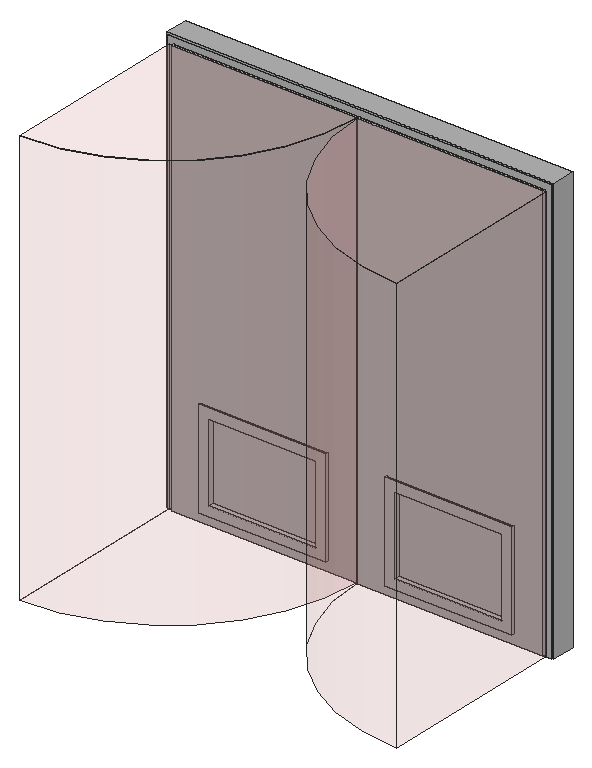
Revit family "ASSA ABLOY - ALPE Ss 120-2, double-leaf, louver, block frame", category Doors, host Wall, Revit 2021
Family settings
  Host = Wall
  OmniClass Number = 23.30.10.00
  OmniClass Title = Doors
  Always vertical = Yes
  Cut with Voids When Loaded = No
  Shared = No
  Room Calculation Point = No
Parameters (values of type "1800 x 2100 (1805 x 2101)")
  URL = "https://www.assaabloy.com/pl/pl"
  Type Comments = "Door leaf made of two pressed galvanised steel sheets 1,25mm thick. Filled with mineral wool glued to the sheets with polyurethane adhesive. Door with 3-sided thick rebate. "
  Rough Width Real = Width Round + Rough Width Conversion + Rough Width Adjustment  # 1998.000 mm
  Rough Height Real = Height Round + Rough Height Conversion + Rough Height Adjustment  # 2199.000 mm
  Rough Width Conversion = 198.000 mm  # constant formula
  Rough Width Adjustment = 0.000 mm  # constant formula
  Rough Height Conversion = 99.000 mm  # constant formula
  Rough Height Adjustment = 0.000 mm  # constant formula
  Recess Value [instance] = 2.000 mm
  Passive Symbol Radius [instance] = Passive Leaf Width + 13.500 mm  # 968.500 mm
  Passive Leaf Width [instance] = Rough Width Real - Middle Post - 44.000 mm  # 955.000 mm
  Passive Leaf Middle [instance] = Rough Width - Active Leaf Width - Passive Leaf Width / 2 - 49.000 mm  # 518.500 mm
  Passive Leaf Louver Width [instance] = if(Passive Leaf Width < 700.000 mm, 300.000 mm, if(Passive Leaf Width - 400.000 mm > 800.000 mm, 800.000 mm, Passive Leaf Width - 400.000 mm))  # 555.000 mm
  Passive Leaf Louver Visibility [instance] = Passive Leaf Width > 699.000 mm  # yes
  Passive Leaf Louver Cut [instance] = if(Passive Leaf Width < 500.000 mm, 5.000 mm, 81.000 mm)  # 81.000 mm
  Opening Zone [instance] = yes
  Model = "Doorset_Steel fireproof door EI120 with louvers/ Access control_ASSA ABLOY Opening Solutions_Hardware 3D"
  Middle Post [instance] = Active Leaf Clear Passage Width + 120.000 mm  # 999.000 mm
  Louver Material = Louver
  Louver Height Range = if(Louver Height < 160.000 mm, 160.000 mm, if(Louver Height > 800.000 mm, 800.000 mm, Louver Height))  # 400.000 mm
  Louver Height = 400.000 mm  # constant formula
  Hinges Material = Default steel
  HW Item 9 = "1x Handle set_Standard ASSA ABLOY"
  HW Item 8 = "1x Euro profile cylinder_Standard ASSA ABLOY"
  HW Item 14 = "1x Planet FT: drop-down seal_Planet (option)"
  HW Item 13 = "1x Incedo: Access Control Set_ASSA ABLOY (option)"
  HW Item 12 = "1x HID SIGNO 20: card reader_HID"
  HW Item 11 = "1x 206253: Vercy door stopper, max 120 kg_ASSA ABLOY (option) "
  HW Item 10 = "1x Rosette set PZPZ_Standard ASSA ABLOY"
  Frame Finish [instance] = ""
  Door Finish Push Side [instance] = ""
  Door Finish Pull Side [instance] = ""
  Description = "ALPE Ss 120-2, door leaf made of two pressed galvanised steel sheets 1,25mm thick. Filled with mineral wool glued to the sheets with polyurethane adhesive. Door with 3-sided thick rebate. Stainless steel hinges with 3D regulation. Mechanical durability – class C5 according to PN-EN 16034:2014. Mechanical strength – class 4 according to PN-EN 1192:2001. Welded steel corner frame, made of galvanised sheet 1,8mm thick. Door equipped with bottom louvers."
  Active Leaf Louver Width [instance] = if(Active Leaf Width < 700.000 mm, 300.000 mm, if(Active Leaf Width - 400.000 mm > 800.000 mm, 800.000 mm, Active Leaf Width - 400.000 mm))  # 555.000 mm
  Fire Rating = "EI120"  # constant formula
  Width Round = roundup((Width / 5.000 mm)) * 5.000 mm  # 1800.000 mm
  Thickness = 76.000 mm  # constant formula
  Smoke Rating = "n/a"
  Rough Width = Width Round + 2.000 mm + Rough Width Conversion + Rough Width Adjustment  # 2000.000 mm
  Rough Height = Height Round + 1.000 mm + Rough Height Conversion + Rough Height Adjustment  # 2200.000 mm
  Readme = "The actual lintel height is consistent with the Rough Height parameter.\nThe final HW Set should be consistent with the function of the door and its  parameters.\nHardware mounted on door surface may affect the clear passage opening. For verification, please contact the specification department."
  Provider = "ASSA ABLOY Opening Solutions"
  Product Group = "Double-Steel-Access Control"
  Name = "Steel fireproof door EI120 with louvers/ Access control"
  Min Door Width = 1170.000 mm
  Min Door Height = 600.000 mm
  Mechanical Strength = 4
  Max Door Width = 2370.000 mm
  Max Door Height = 2500.000 mm
  Manufacturer = "ASSA ABLOY"  # constant formula
  IfcExportType = "USERDEFINED"
  IfcExportAs = "IfcDoorType"
  Height Round = roundup((Height / 5.000 mm)) * 5.000 mm  # 2100.000 mm
  Hardware Set = "1.14PL"
  HW Item 7 = "1x N4572: central semi-automatic flush bolt _Corni (passive leaf)"
  HW Item 6 = "1x EA219: cable 10m"
  HW Item 5 = "1x EA280/ EA281: lead cover"
  HW Item 4 = "1x EL560: handle controlled, electromechanical mortice lockcase with automatic dead locking system_ABLOY"
  HW Item 3 = "2x A153: mechanical opening damper_ASSA ABLOY (option)"
  HW Item 2 = "1x G461: guide rail with integrated coordinator_ASSA ABLOY"
  HW Item 1 = "2x DC700/ DC500: door closer, Cam-Motion®_ASSA ABLOY"
  Function = Interior
  Height = 2100.000 mm
  Wall Closure = By host
  Width = 1800.000 mm
  Frame Type = "Welded steel block frame, made of galvanised sheet 1,8mm thick."
  Frame Material = Default steel
  Family name = "1.14_DOORSET_ALPE Ss 120-2_DOUBLE-LEAF_BLOCK FRAME_ASSA ABLOY PL"
  Environmental Product Declaration (EPD) = "To be confirmed with Provider"  # constant formula
  Environmental Management System = "To be confirmed with Provider"  # constant formula
  Edition number = "1"
  Door Type = "ALPE Ss 120-2"
  Door Material = Default steel
  Date of publishing = ""
  Contact Provider = "https://www.assaabloy.com/pl/pl/solutions/topics/bim-specification/contact"
  Brand = "ASSA ABLOY Mercor Doors Sp. z o. o."  # constant formula
  Author = "www.archispace.pl"
  Active Symbol Radius [instance] = Active Leaf Width + 13.500 mm  # 968.500 mm
  Active Leaf Width [instance] = Middle Post - 44.000 mm  # 955.000 mm
  Active Leaf Middle [instance] = Active Leaf Width / 2 + 41.000 mm  # 518.500 mm
  Active Leaf Louver Visibility [instance] = Active Leaf Width > 699.000 mm  # yes
  Active Leaf Clear Passage Width = 879.000 mm
Types (7, lengths in mm): name | Rough Width Real | Rough Height Real | Passive Symbol Radius | Passive Leaf Width | Passive Leaf Middle | Passive Leaf Louver Width | Passive Leaf Louver Visibility | Middle Post | Active Leaf Louver Width | Width Round | Rough Width | Rough Height | Height Round | Height | Width | Active Symbol Radius | Active Leaf Width | Active Leaf Middle | Active Leaf Louver Visibility | Active Leaf Clear Passage Width
  1170 x 600 (1175 x 601) | 1368.000 | 699.000 | 653.500 | 640.000 | 361.000 | 300.000 | no | 684.000 | 300.000 | 1170.000 | 1370.000 | 700.000 | 600.000 | 600.000 | 1170.000 | 653.500 | 640.000 | 361.000 | no | 564.000
  1250 x 2100 (1255 x 2101) | 1448.000 | 2199.000 | 693.500 | 680.000 | 381.000 | 300.000 | no | 724.000 | 300.000 | 1250.000 | 1450.000 | 2200.000 | 2100.000 | 2100.000 | 1250.000 | 693.500 | 680.000 | 381.000 | no | 604.000
  1400 x 2100 (1405 x 2101) | 1598.000 | 2199.000 | 768.500 | 755.000 | 418.500 | 355.000 | yes | 799.000 | 355.000 | 1400.000 | 1600.000 | 2200.000 | 2100.000 | 2100.000 | 1400.000 | 768.500 | 755.000 | 418.500 | yes | 679.000
  1600 x 2100 (1605 x 2101) | 1798.000 | 2199.000 | 868.500 | 855.000 | 468.500 | 455.000 | yes | 899.000 | 455.000 | 1600.000 | 1800.000 | 2200.000 | 2100.000 | 2100.000 | 1600.000 | 868.500 | 855.000 | 468.500 | yes | 779.000
  1800 x 2100 (1805 x 2101) | 1998.000 | 2199.000 | 968.500 | 955.000 | 518.500 | 555.000 | yes | 999.000 | 555.000 | 1800.000 | 2000.000 | 2200.000 | 2100.000 | 2100.000 | 1800.000 | 968.500 | 955.000 | 518.500 | yes | 879.000
  2000 x 2100 (2005 x 2101) | 2198.000 | 2199.000 | 1068.500 | 1055.000 | 568.500 | 655.000 | yes | 1099.000 | 655.000 | 2000.000 | 2200.000 | 2200.000 | 2100.000 | 2100.000 | 2000.000 | 1068.500 | 1055.000 | 568.500 | yes | 979.000
  2370 x 2500 (2375 x 2501) | 2568.000 | 2599.000 | 1253.500 | 1240.000 | 661.000 | 800.000 | yes | 1284.000 | 800.000 | 2370.000 | 2570.000 | 2600.000 | 2500.000 | 2500.000 | 2370.000 | 1253.500 | 1240.000 | 661.000 | yes | 1164.000
Reference planes
  plane 1: y = 0
  plane 2 "Center (Left/Right)": x = 0
  plane 3: z = 2199
  plane 4 "Exterior": y = 120
  plane 5 "Interior": y = -120
  plane 6: x = -999
  plane 7: x = 999
  plane 8: z = 2100
  plane 9: x = 0
  plane 10: z = 2142
  plane 11: x = 942
  plane 12: x = -942
  plane 13: x = 900
  plane 14: x = -900
  plane 15: x = -19
  plane 16: x = 19
  plane 17: x = -1011.5
  plane 18: x = 1011.5
  plane 19: z = 8
  plane 20: x = -1000
  plane 21: x = 1000
  plane 22: z = 2200
  plane 23: y = -130.5
  plane 24: y = -121
  plane 25: y = -118
  plane 26: y = -60
  plane 27: y = -49
  plane 28: y = 6
  plane 29: y = 2.5
  plane 30: x = 971.5
  plane 31: x = -971.5
  plane 32: z = 108
  plane 33: z = 508
  plane 34: z = 516.75
  plane 35: z = 99.25
  plane 36: x = -766.75
  plane 37: x = -203
  plane 38: x = 194.25
  plane 39: x = 766.75
  plane 40: x = 203
  plane 41: x = 758
  plane 42: x = -758
  plane 43: x = -194.25
  plane 44: x = -480.5
  plane 45: x = 480.5
  plane 46: z = 2158
  plane 47: y = -143
  plane 48: y = -62
Forms (mm)
  Sweep 1, solid, material "Default steel" <- "Frame Material"
    path origin (-489, -118, 1200) x (1, 0, 0) y (0, 0, 1)
      loop
        line (-510, -1200) -> (-510, 999) -> (1488, 999) -> (1488, -1200)
    profile origin (-999, -118, 1099.5) x (-1, 0, 0) y (0, -1, 0)
      loop
        line (-99, -58) -> (-99, -124) -> (-10, -124) -> (-10, -120.5) -> (0, -120.5) -> (0, 0) -> (-10, 0) -> (-10, 3) -> (-52, 3) -> (-52, -69) -> (-67, -69) -> (-67, -58) -> (-99, -58)
  Sweep 2, solid, material "Default steel" <- "Door Material"
    path origin (-489, -118, 1200) x (1, 0, 0) y (0, 0, 1)
      loop
        line (-453, -1192) -> (-453, 942) -> (470, 942) -> (470, -1192)
    profile origin (-480.5, -118, 2142) x (0, 0, 1) y (0, -1, 0)
      loop
        line (0, 20) -> (0, 5) -> (16, 5) -> (16, 20) -> (0, 20)
  Sweep 3, solid, material "Default steel" <- "Door Material"
    path origin (-489, -118, 1200) x (1, 0, 0) y (0, 0, 1)
      loop
        line (489, -1192) -> (489, 942)
    profile origin (0, -118, 1075) x (-1, 0, 0) y (0, -1, 0)
      loop
        line (942, -56) -> (942, 20) -> (19, 20) -> (19, -56) -> (942, -56)
  Sweep 4, solid, material "Opening zone", visible <- "Opening Zone"
    path origin (-5600, 0, 0) x (-1, 0, 0) y (0, 0, 1)
      loop
        line (-5600, 8) -> (-5600, 2158)
    profile origin (0, 0, 1083) x (1, 0, 0) y (0, 1, 0)
      loop
        line (-971.5, -130.5) -> (-971.5, -1099)
        arc (-971.5, -1099) -> (-286.667, -815.333) -> (-3, -130.5) r 968.5
        line (-3, -130.5) -> (-971.5, -130.5)
  Sweep 5, solid, material "Default steel" <- "Frame Material"
    path origin (-489, -118, 1200) x (1, 0, 0) y (0, 0, 1)
      loop
        line (489, -1192) -> (489, 900)
    profile origin (0, -118, 1054) x (-1, 0, 0) y (0, -1, 0)
      loop
        line (19, 4) -> (6, 4) -> (-2, 1) -> (-12, 1) -> (-12, -59.75) -> (-23, -59.75) -> (-38.5, -57.5) -> (-41.5, -57.5) -> (-41.5, -69) -> (-56.5, -69) -> (-56.5, -58.5) -> (-61, -58.5) -> (-61, -88.5) -> (87, -88.5) -> (87, -56) -> (19, -56) -> (19, 4)
  Sweep 6, solid, material "Default steel" <- "Door Material"
    path origin (-489, -118, 1200) x (1, 0, 0) y (0, 0, 1)
      loop
        line (508, -1192) -> (508, 942) -> (1431, 942) -> (1431, -1192)
    profile origin (480.5, -118, 2142) x (0, 0, 1) y (0, -1, 0)
      loop
        line (0, 20) -> (0, 5) -> (16, 5) -> (16, 20) -> (0, 20)
  Sweep 7, solid, material "Default steel" <- "Door Material"
    path origin (-489, -118, 1200) x (1, 0, 0) y (0, 0, 1)
      loop
        line (489, -1192) -> (489, 942)
    profile origin (0, -118, 1075) x (-1, 0, 0) y (0, -1, 0)
      loop
        line (-942, -56) -> (-19, -56) -> (-19, 20) -> (-942, 20) -> (-942, -56)
  Sweep 8, solid, material "Opening zone", visible <- "Opening Zone"
    path origin (5600, 0, 0) x (1, 0, 0) y (0, 0, -1)
      loop
        line (-5600, -8) -> (-5600, -2158)
    profile origin (0, 0, 1083) x (1, 0, 0) y (0, 1, 0)
      loop
        line (971.5, -130.5) -> (3, -130.5)
        arc (3, -130.5) -> (286.667, -815.333) -> (971.5, -1099) r 968.5
        line (971.5, -1099) -> (971.5, -130.5)
  Sweep 9, solid, material "Default steel" <- "Door Material", visible <- "Passive Leaf Louver Visibility"
    path origin (-489, -118, 1200) x (1, 0, 0) y (0, 0, 1)
      loop
        line (-277.75, -683.25) -> (-277.75, -1100.75) -> (294.75, -1100.75) -> (294.75, -683.25) -> (-277.75, -683.25)
    profile origin (-480.5, -118, 516.75) x (0, 0, 1) y (0, -1, 0)
      loop
        line (-8.75, 33) -> (-8.75, -69) -> (41.25, -69) -> (41.25, -56) -> (0, -56) -> (0, 20) -> (41.25, 20) -> (41.25, 33) -> (-8.75, 33)
  Sweep 10, solid, material "Louver" <- "Louver Material", visible <- "Passive Leaf Louver Visibility"
    path origin (-489, -118, 1200) x (1, 0, 0) y (0, 0, 1)
      loop
        line (8.5, -1092) -> (8.5, -692)
    profile origin (-480.5, -118, 308) x (-1, 0, 0) y (0, -1, 0)
      loop
        line (-277.5, -42) -> (277.5, -42) -> (277.5, 6) -> (-277.5, 6) -> (-277.5, -42)
  Sweep 11, void
    path origin (-489, -118, 1200) x (1, 0, 0) y (0, 0, 1)
      loop
        line (8.5, -1100.75) -> (8.5, -683.25)
    profile origin (-480.5, -118, 308) x (-1, 0, 0) y (0, -1, 0)
      loop
        line (286.25, -56) -> (286.25, 25) -> (-286.25, 25) -> (-286.25, -56) -> (286.25, -56)
  Sweep 12, solid, material "Default steel" <- "Door Material", visible <- "Active Leaf Louver Visibility"
    path origin (-489, -118, 1200) x (1, 0, 0) y (0, 0, 1)
      loop
        line (1255.75, -683.25) -> (683.25, -683.25) -> (683.25, -1100.75) -> (1255.75, -1100.75) -> (1255.75, -683.25)
    profile origin (480.5, -118, 516.75) x (0, 0, -1) y (0, -1, 0)
      loop
        line (8.75, 33) -> (-41.25, 33) -> (-41.25, 20) -> (0, 20) -> (0, -56) -> (-41.25, -56) -> (-41.25, -69) -> (8.75, -69) -> (8.75, 33)
  Sweep 13, void
    path origin (-489, -118, 1200) x (1, 0, 0) y (0, 0, 1)
      loop
        line (969.5, -1100.75) -> (969.5, -683.25)
    profile origin (480.5, -118, 308) x (-1, 0, 0) y (0, -1, 0)
      loop
        line (-286.25, -56) -> (286.25, -56) -> (286.25, 20) -> (-286.25, 20) -> (-286.25, -56)
  Sweep 14, solid, material "Louver" <- "Louver Material", visible <- "Active Leaf Louver Visibility"
    path origin (-489, -118, 1200) x (1, 0, 0) y (0, 0, 1)
      loop
        line (969.5, -1092) -> (969.5, -692)
    profile origin (480.5, -118, 308) x (-1, 0, 0) y (0, -1, 0)
      loop
        line (-277.5, -42) -> (277.5, -42) -> (277.5, 6) -> (-277.5, 6) -> (-277.5, -42)
Cuts and joins
  Sweep 11 cuts Sweep 3
  joined: Sweep 2, Sweep 3
  Sweep 13 cuts Sweep 7
  joined: Sweep 6, Sweep 7
Lines and regions (mm)
  Masking region 1, detail levels fine
    outline origin (-1132.682, -300, 2037) x (-1, 0, 0) y (0, -1, 0)
      loop
        circle (-161.182, -169.5) r 11
      loop
        circle (-2104.182, -169.5) r 11
  Opening 1
    outline origin (-5000, -120, 0) x (1, 0, 0) y (0, 0, 1)
      loop
        line (4000, 2200) -> (4000, 0) -> (6000, 0) -> (6000, 2200) -> (4000, 2200)
  Masking region 2, detail levels medium
    outline origin (-1132.682, -300, 2052) x (-1, 0, 0) y (0, -1, 0)
      loop
        line (-133.682, -306) -> (-133.682, -179) -> (-232.682, -179) -> (-232.682, -306) -> (-133.682, -306)
      loop
        line (-2131.682, -306) -> (-2032.682, -306) -> (-2032.682, -179) -> (-2131.682, -179) -> (-2131.682, -306)
  Masking region 3, detail levels fine
    outline origin (-1177.682, -289.4, 2052) x (-1, 0, 0) y (0, -1, 0)
      loop
        line (-277.682, -229.4) -> (-277.682, -295.4) -> (-188.682, -295.4) -> (-188.682, -291.9) -> (-178.682, -291.9) -> (-178.682, -171.4) -> (-188.682, -171.4) -> (-188.682, -168.4) -> (-230.682, -168.4) -> (-230.682, -240.4) -> (-245.682, -240.4) -> (-245.682, -229.4) -> (-277.682, -229.4)
      loop
        line (-2077.682, -229.4) -> (-2109.682, -229.4) -> (-2109.682, -240.4) -> (-2124.682, -240.4) -> (-2124.682, -168.4) -> (-2166.682, -168.4) -> (-2166.682, -171.4) -> (-2176.682, -171.4) -> (-2176.682, -291.9) -> (-2166.682, -291.9) -> (-2166.682, -295.4) -> (-2077.682, -295.4) -> (-2077.682, -229.4)
  symbolic lines, style "Elevation Swing"
    curve 1: line (-3, -120, 1099.5) -> (-900, -120, 2100)
    curve 2: line (-3, -120, 1099.5) -> (-900, -120, 8)
    curve 3: line (3, -120, 1099.5) -> (900, -120, 2100)
    curve 4: line (3, -120, 1099.5) -> (900, -120, 8)
Text (mm)
  text "Exterior" at (-1376.75, 1099.543, 0), in view "Ref. Level"
  text "Exterior" at (0, 1615.38, 3698.081), in view "Left"
  text "Exterior" at (0, 1036.032, 3874.932), in view "Right"
Dimensions and locks
  "Rough Height Real": plane 3 to host wall
  equal spacing: host wall, curve 2, plane 3
  host wall to plane 3 = 2199.000 mm
  locked: plane 4 "Exterior" to host wall
  locked: plane 5 "Interior" to host wall
  equal spacing: plane 6, plane 2 "Center (Left/Right)", plane 7
  "Rough Width Real": plane 6 to plane 7
  "Height": plane 8 to level
  locked: plane 6 to plane 12 at 57
  locked: plane 11 to plane 7 at 57
  locked: plane 3 to plane 10 at 57
  locked: plane 13 to plane 7 at 99
  locked: plane 6 to plane 14 at 99
  locked: plane 15 to plane 9 at 19
  locked: plane 9 to plane 16 at 19
  "Middle Post": plane 9 to plane 7
  Masking region 1 sketch curve to plane 7 = 27.500 mm
  locked: plane 7 to plane 18 at 12.5
  locked: plane 17 to plane 6 at 12.5
  equal spacing: plane 3, curve 4, level
  locked: plane 19 to level at 8
  equal spacing: plane 20, plane 2 "Center (Left/Right)", plane 21
  "Rough Width": plane 20 to plane 21
  "Rough Height": plane 22 to level
  locked: plane 27 to plane 26 at 11
  locked: plane 27 to plane 29 at 51.5
  locked: plane 29 to plane 28 at 3.5
  locked: plane 25 to plane 26 at 58
  locked: plane 6 to Masking region 3 sketch curve at 10  (x2)
  locked: plane 6 to Masking region 3 sketch curve at 99
  locked: plane 6 to Masking region 3 sketch curve at 52
  locked: plane 6 to Masking region 3 sketch curve at 67
  locked: Masking region 3 sketch curve to plane 7 at 10  (x2)
  locked: Masking region 3 sketch curve to plane 7 at 52
  locked: Masking region 3 sketch curve to plane 7 at 67
  locked: Masking region 3 sketch curve to plane 7 at 99
  locked: plane 6 to Masking region 2 sketch curve at 99
  locked: Masking region 2 sketch curve to plane 7 at 99
  locked: plane 6 to Sweep 1 sketch curve at 10  (x2)
  locked: plane 6 to Sweep 1 sketch curve at 99
  locked: plane 6 to Sweep 1 sketch curve at 52
  locked: plane 6 to Sweep 1 sketch curve at 67
  locked: plane 30 to plane 7 at 27.5
  locked: plane 6 to plane 31 at 27.5
  "Passive Leaf Middle": plane 6 to plane 44
  "Active Leaf Middle": plane 45 to plane 7
  locked: plane 34 to plane 33 at 8.75
  locked: plane 32 to plane 35 at 8.75
  locked: plane 39 to plane 41 at 8.75
  locked: plane 38 to plane 40 at 8.75
  locked: plane 43 to plane 37 at 8.75
  locked: plane 36 to plane 42 at 8.75
  equal spacing: plane 42, plane 44, plane 37
  "Passive Leaf Louver Width": plane 42 to plane 37
  equal spacing: plane 40, plane 45, plane 41
  "Active Leaf Louver Width": plane 40 to plane 41
  locked: plane 24 to plane 25 at 3
  locked: plane 24 to plane 23 at 9.5
  "Recess Value": plane 5 "Interior" to plane 25
  locked: plane 3 to plane 46 at 41
  locked: plane 32 to plane 19 at 100
  "Louver Height": plane 33 to plane 32
  locked: plane 47 to plane 25 at 25
  "Passive Leaf Louver Cut": plane 48 to plane 47
  "Active Symbol Radius": radius of Sweep 8 sketch curve
  "Passive Symbol Radius": radius of Sweep 4 sketch curve
  aligned and locked: plane 1 to host wall
  aligned and locked: level to Sweep 1 sketch curve  (x2)
  aligned and locked: Sweep 1 sketch curve to plane 6  (x2)
  aligned and locked: plane 7 to Sweep 1 sketch curve
  aligned and locked: plane 2 "Center (Left/Right)" to Sweep 3 sketch curve
  aligned and locked: nested 1 to plane 2 "Center (Left/Right)"
  aligned and locked: plane 3 to Sweep 1 sketch curve
  aligned and locked: Sweep 2 sketch curve to plane 12
  aligned and locked: Sweep 2 sketch curve to plane 10
  aligned and locked: plane 10 to Sweep 3 sketch curve
  aligned and locked: Sweep 3 sketch curve to plane 12
  aligned and locked: Sweep 5 sketch curve to plane 9
  aligned and locked: plane 15 to Sweep 3 sketch curve
  aligned and locked: plane 15 to Sweep 2 sketch curve
  aligned and locked: Sweep 7 sketch curve to plane 9
  aligned and locked: plane 10 to Sweep 7 sketch curve
  aligned and locked: Sweep 7 sketch curve to plane 16
  aligned and locked: plane 11 to Sweep 7 sketch curve
  aligned and locked: Sweep 6 sketch curve to plane 10
  aligned and locked: Sweep 6 sketch curve to plane 11
  aligned and locked: plane 16 to Sweep 6 sketch curve
  aligned and locked: plane 2 "Center (Left/Right)" to Sweep 8 sketch curve
  aligned and locked: plane 19 to Sweep 5 sketch curve
  aligned and locked: level to Opening 1 sketch curve
  aligned and locked: Opening 1 sketch curve to plane 20
  aligned and locked: Opening 1 sketch curve to plane 21
  aligned and locked: plane 8 to Sweep 5 sketch curve
  aligned and locked: Opening 1 sketch curve to plane 22
  aligned and locked: plane 19 to Sweep 2 sketch curve  (x2)
  aligned and locked: plane 19 to Sweep 3 sketch curve
  aligned and locked: plane 19 to Sweep 6 sketch curve  (x2)
  aligned and locked: plane 19 to Sweep 7 sketch curve
  aligned and locked: plane 24 to Masking region 2 sketch curve
  aligned and locked: Masking region 2 sketch curve to plane 28  (x2)
  aligned and locked: Masking region 2 sketch curve to plane 24
  aligned and locked: plane 29 to Masking region 3 sketch curve  (x2)
  aligned and locked: plane 28 to Masking region 3 sketch curve
  aligned and locked: plane 27 to Masking region 3 sketch curve  (x2)
  aligned and locked: plane 26 to Masking region 3 sketch curve
  aligned and locked: Masking region 3 sketch curve to plane 25  (x2)
  aligned and locked: plane 24 to Masking region 3 sketch curve  (x2)
  aligned and locked: Masking region 3 sketch curve to plane 28
  aligned and locked: Masking region 3 sketch curve to plane 26
  aligned and locked: Masking region 3 sketch curve to plane 6
  aligned and locked: Masking region 3 sketch curve to plane 7
  aligned and locked: Masking region 2 sketch curve to plane 6
  aligned and locked: Masking region 2 sketch curve to plane 7
  aligned and locked: plane 28 to Sweep 1 sketch curve
  aligned and locked: plane 29 to Sweep 1 sketch curve
  aligned and locked: plane 27 to Sweep 1 sketch curve
  aligned and locked: plane 26 to Sweep 1 sketch curve
  aligned and locked: plane 24 to Sweep 1 sketch curve
  aligned and locked: Sweep 1 sketch curve to plane 25
  aligned and locked: Masking region 1 sketch curve to plane 23
  aligned and locked: plane 23 to Masking region 1 sketch curve
  aligned and locked: plane 31 to Masking region 1 sketch curve
  aligned and locked: plane 30 to Sweep 8 sketch curve
  aligned and locked: Sweep 8 sketch curve to plane 23
  aligned and locked: Sweep 4 sketch curve to plane 31
  aligned and locked: Sweep 4 sketch curve to plane 23
  aligned and locked: plane 2 "Center (Left/Right)" to Sweep 4 sketch curve
  aligned and locked: Sweep 9 sketch curve to plane 43
  aligned and locked: plane 35 to Sweep 9 sketch curve
  aligned and locked: Sweep 9 sketch curve to plane 36
  aligned and locked: Sweep 9 sketch curve to plane 34
  aligned and locked: plane 32 to Sweep 10 sketch curve
  aligned and locked: plane 33 to Sweep 10 sketch curve
  aligned and locked: plane 44 to Sweep 10 sketch curve
  aligned and locked: plane 44 to Sweep 11 sketch curve
  aligned and locked: plane 34 to Sweep 11 sketch curve
  aligned and locked: plane 35 to Sweep 11 sketch curve
  aligned and locked: Sweep 11 sketch curve to plane 36
  aligned and locked: Sweep 11 sketch curve to plane 43
  aligned and locked: plane 34 to Sweep 13 sketch curve
  aligned and locked: plane 35 to Sweep 13 sketch curve
  aligned and locked: plane 45 to Sweep 13 sketch curve
  aligned and locked: plane 38 to Sweep 13 sketch curve
  aligned and locked: plane 39 to Sweep 13 sketch curve
  aligned and locked: plane 39 to Sweep 12 sketch curve
  aligned and locked: plane 34 to Sweep 12 sketch curve
  aligned and locked: plane 38 to Sweep 12 sketch curve
  aligned and locked: Sweep 12 sketch curve to plane 35
  aligned and locked: plane 40 to Sweep 14 sketch curve
  aligned and locked: plane 41 to Sweep 14 sketch curve
  aligned and locked: plane 33 to Sweep 14 sketch curve
  aligned and locked: plane 45 to Sweep 14 sketch curve
  aligned and locked: plane 32 to Sweep 14 sketch curve
  aligned and locked: plane 42 to Sweep 10 sketch curve
  aligned and locked: Sweep 10 sketch curve to plane 37
  aligned and locked: nested 1 to plane 25
  aligned and locked: plane 46 to Sweep 4 sketch curve
  aligned and locked: plane 19 to Sweep 4 sketch curve
  aligned and locked: plane 46 to Sweep 8 sketch curve
  aligned and locked: plane 19 to Sweep 8 sketch curve
  aligned and locked: plane 8 to curve 1
  aligned and locked: plane 14 to curve 1
  aligned and locked: plane 14 to curve 2
  aligned and locked: plane 19 to curve 2
  aligned and locked: plane 19 to curve 4
  aligned and locked: plane 13 to curve 4
  aligned and locked: plane 13 to curve 3
  aligned and locked: plane 8 to curve 3
  aligned and locked: Sweep 11 sketch curve to plane 47
  aligned and locked: Sweep 11 sketch curve to plane 48
Automatic sketch dimensions
  Sweep 2 sketch curve to profile plane = 16.000 mm
  profile plane to Sweep 2 sketch curve = 20.000 mm
  profile plane to Sweep 2 sketch curve = 0.000 mm
  Sweep 2 sketch curve to Sweep 2 sketch curve = 15.000 mm
  Sweep 6 sketch curve to profile plane = 16.000 mm
  profile plane to Sweep 6 sketch curve = 20.000 mm
  profile plane to Sweep 6 sketch curve = 0.000 mm
  Sweep 6 sketch curve to Sweep 6 sketch curve = 15.000 mm
  Sweep 3 sketch curve to profile plane = 56.000 mm
  profile plane to Sweep 3 sketch curve = 20.000 mm
  Sweep 7 sketch curve to profile plane = 56.000 mm
  profile plane to Sweep 7 sketch curve = 20.000 mm
  Sweep 13 sketch curve to profile plane = 56.000 mm
  profile plane to Sweep 13 sketch curve = 20.000 mm
  profile plane to Sweep 5 sketch curve = 61.000 mm
  Sweep 5 sketch curve to Sweep 5 sketch curve = 4.500 mm
  Sweep 5 sketch curve to Sweep 5 sketch curve = 15.000 mm
  Sweep 5 sketch curve to Sweep 5 sketch curve = 3.000 mm  (x2)
  Sweep 5 sketch curve to Sweep 5 sketch curve = 15.500 mm
  profile plane to Sweep 5 sketch curve = 12.000 mm
  profile plane to Sweep 5 sketch curve = 2.000 mm
  Sweep 5 sketch curve to profile plane = 6.000 mm
  Sweep 5 sketch curve to Sweep 5 sketch curve = 13.000 mm
  Sweep 5 sketch curve to Sweep 5 sketch curve = 68.000 mm
  Sweep 5 sketch curve to profile plane = 88.500 mm
  Sweep 5 sketch curve to Sweep 5 sketch curve = 19.500 mm
  Sweep 5 sketch curve to Sweep 5 sketch curve = 9.250 mm
  Sweep 5 sketch curve to Sweep 5 sketch curve = 10.500 mm
  Sweep 5 sketch curve to Sweep 5 sketch curve = 11.500 mm
  Sweep 5 sketch curve to Sweep 5 sketch curve = 32.500 mm
  Sweep 5 sketch curve to Sweep 5 sketch curve = 60.750 mm
  profile plane to Sweep 9 sketch curve = 8.750 mm
  Sweep 9 sketch curve to Sweep 9 sketch curve = 8.750 mm
  Sweep 9 sketch curve to profile plane = 41.250 mm  (x2)
  Sweep 9 sketch curve to plane 25 = 69.000 mm
  Sweep 9 sketch curve to Sweep 9 sketch curve = 13.000 mm  (x2)
  plane 25 to Sweep 9 sketch curve = 20.000 mm
  profile plane to Sweep 12 sketch curve = 41.250 mm  (x2)
  Sweep 12 sketch curve to profile plane = 0.000 mm
  Sweep 12 sketch curve to Sweep 12 sketch curve = 8.750 mm
  Sweep 12 sketch curve to plane 25 = 69.000 mm
  Sweep 12 sketch curve to Sweep 12 sketch curve = 13.000 mm  (x2)
  plane 25 to Sweep 12 sketch curve = 20.000 mm
  Sweep 10 sketch curve to plane 25 = 42.000 mm
  plane 25 to Sweep 10 sketch curve = 6.000 mm
  Sweep 14 sketch curve to plane 25 = 42.000 mm
  plane 25 to Sweep 14 sketch curve = 6.000 mm
  plane 9 to curve 2 = 3.000 mm
  curve 3 to plane 9 = 3.000 mm
  radius of Masking region 1 sketch curve = 11.000 mm  (x2)
Nested families
  nested 1: "Detail_Door symbol" at (0, -118, 2037), type "Detail_Door symbol"
Definition of nested family "Detail_Door symbol"
  Parameters (values of type "Detail_Door symbol")
    Rough Width = 1798.000 mm
    Passive Symbol Radius = 747.500 mm
    Passive Leaf Width = 732.000 mm
    Middle Post = 1020.000 mm
    Active Symbol Radius = 989.500 mm
    Active Leaf Width = 974.000 mm
  Reference planes
    plane 1 "Center (Front/Back)": y = 0
    plane 2: z = 0
    plane 3 "Center (Left/Right)": x = 0
    plane 4: x = -899
    plane 5: y = -12.5
    plane 6: y = -26
    plane 7: y = -42
    plane 8: y = -742
    plane 9: y = -758
    plane 10: x = 899
    plane 11: y = -12.5
    plane 12: y = -26
    plane 13: y = -42
    plane 14: y = -984
    plane 15: y = -1000
    plane 16: y = -674
    plane 17: y = -822
    plane 18: y = -773
    plane 19: x = -769.75
    plane 20: x = -769.5
    plane 21: x = -878.75
    plane 22: x = -871.5
    plane 23: x = -863.75
    plane 24: x = -802.25
    plane 25: x = 878.75
    plane 26: x = 871.5
    plane 27: x = 863.75
    plane 28: x = 802.25
  Lines and regions (mm)
    Filled region 1, type "Solid Fill - White", in view "Ref. Level", detail levels fine
      outline origin (88.5, 43.059, 0) x (1, 0, 0) y (0, 1, 0)
        loop
          line (-967.25, -69.059) -> (-967.25, -801.059) -> (-952.25, -801.059) -> (-952.25, -785.059) -> (-890.75, -785.059) -> (-890.75, -85.059) -> (-952.25, -85.059) -> (-952.25, -69.059) -> (-967.25, -69.059)
    Filled region 2, type "Solid Fill - White", in view "Ref. Level", detail levels medium
      outline origin (-211.5, 43.059, 0) x (1, 0, 0) y (0, 1, 0)
        loop
          line (-667.25, -69.059) -> (-667.25, -801.059) -> (-590.75, -801.059) -> (-590.75, -69.059) -> (-667.25, -69.059)
    Filled region 3, type "Solid Fill - White", in view "Ref. Level", detail levels fine
      outline origin (-78.5, 43.059, 0) x (0, 1, 0) y (-1, 0, 0)
        loop
          line (-69.059, -957.25) -> (-69.059, -942.25) -> (-85.059, -942.25) -> (-85.059, -880.75) -> (-1027.059, -880.75) -> (-1027.059, -942.25) -> (-1043.059, -942.25) -> (-1043.059, -957.25) -> (-69.059, -957.25)
    Filled region 4, type "Solid Fill - White", in view "Ref. Level", detail levels fine
      outline origin (88.5, -61.941, 0) x (1, 0, 0) y (0, 1, 0)
        loop
          line (-858.25, -760.059) -> (-858.25, -612.059) -> (-890.75, -612.059) -> (-890.75, -680.059) -> (-951.25, -680.059) -> (-951.25, -693.059) -> (-948.25, -701.059) -> (-948.25, -711.059) -> (-887, -711.059) -> (-887, -722.059) -> (-889.25, -737.559) -> (-889.25, -740.559) -> (-877.75, -740.559) -> (-877.75, -755.559) -> (-888.25, -755.559) -> (-888.25, -760.059) -> (-858.25, -760.059)
    Filled region 5, type "Solid Fill - White", in view "Ref. Level", detail levels medium
      outline origin (183.5, -61.941, 0) x (1, 0, 0) y (0, 1, 0)
        loop
          line (-985.75, -612.059) -> (-985.75, -760.059) -> (-953.25, -760.059) -> (-953.25, -612.059) -> (-985.75, -612.059)
    Filled region 6, type "Solid Fill - White", in view "Ref. Level", detail levels medium
      outline origin (221.5, 43.059, 0) x (0, 1, 0) y (-1, 0, 0)
        loop
          line (-69.059, -657.25) -> (-69.059, -580.75) -> (-1043.059, -580.75) -> (-1043.059, -657.25) -> (-69.059, -657.25)
    detail lines, in view "Ref. Level"
      curve 1: arc (-871.5, -760, 0) -> (-342.938, -541.062, 0) -> (-124, -12.5, 0) r 747.5
      curve 3: arc (807.867, -999.952, 0) -> (149.671, -689.311, 0) -> (-118, -12.5, 0) r 989.5
    detail lines, in view "Ref. Level", detail levels coarse
      curve 2: line (-871.5, -760, 0) -> (-871.5, -12.5, 0)
      curve 4: line (807.867, -999.952, 0) -> (807.867, -12.5, 0)
  Dimensions and locks
    locked: plane 9 to plane 8 at 16
    "Passive Leaf Width": plane 9 to plane 6
    locked: plane 1 "Center (Front/Back)" to plane 5 at 12.5
    locked: plane 1 "Center (Front/Back)" to plane 6 at 26
    locked: plane 6 to plane 7 at 16
    "Rough Width": plane 4 to plane 10
    equal spacing: plane 4, plane 3 "Center (Left/Right)", plane 10
    locked: plane 15 to plane 14 at 16
    "Active Leaf Width": plane 15 to plane 12
    locked: plane 1 "Center (Front/Back)" to plane 11 at 12.5
    locked: plane 1 "Center (Front/Back)" to plane 12 at 26
    locked: plane 12 to plane 13 at 16
    locked: plane 18 to plane 9 at 15
    locked: plane 18 to plane 17 at 49
    locked: plane 9 to plane 16 at 84
    locked: plane 19 to plane 20 at 0.25
    locked: plane 4 to plane 21 at 20.25
    locked: plane 21 to plane 22 at 7.25
    locked: plane 22 to plane 23 at 7.75
    locked: plane 23 to plane 24 at 61.5
    locked: plane 10 to plane 25 at 20.25
    locked: plane 25 to plane 26 at 7.25
    locked: plane 26 to plane 27 at 7.75
    locked: plane 27 to plane 28 at 61.5
    locked: plane 24 to plane 19 at 32.5
    "Passive Symbol Radius": radius of curve 1
    "Active Symbol Radius": radius of curve 3
    aligned and locked: plane 5 to curve 1
    aligned and locked: plane 9 to Filled region 1 sketch curve
    aligned and locked: plane 8 to Filled region 1 sketch curve
    aligned and locked: Filled region 1 sketch curve to plane 6
    aligned and locked: Filled region 1 sketch curve to plane 7
    aligned and locked: Filled region 2 sketch curve to plane 6
    aligned and locked: plane 9 to Filled region 2 sketch curve
    aligned and locked: plane 11 to curve 3
    aligned and locked: plane 15 to Filled region 3 sketch curve
    aligned and locked: plane 14 to Filled region 3 sketch curve
    aligned and locked: Filled region 3 sketch curve to plane 12
    aligned and locked: Filled region 3 sketch curve to plane 13
    aligned and locked: plane 16 to Filled region 4 sketch curve
    aligned and locked: plane 8 to Filled region 4 sketch curve
    aligned and locked: Filled region 4 sketch curve to plane 19
    aligned and locked: plane 16 to Filled region 5 sketch curve
    aligned and locked: Filled region 5 sketch curve to plane 19
    aligned and locked: Filled region 5 sketch curve to plane 17
    aligned and locked: Filled region 6 sketch curve to plane 12
    aligned and locked: plane 15 to Filled region 6 sketch curve
    aligned and locked: curve 4 to plane 11
    aligned and locked: Filled region 4 sketch curve to plane 18
    aligned and locked: plane 17 to Filled region 4 sketch curve
    aligned and locked: plane 22 to curve 2
    aligned and locked: Filled region 2 sketch curve to plane 21
    aligned and locked: Filled region 2 sketch curve to plane 24
    aligned and locked: Filled region 1 sketch curve to plane 21
    aligned and locked: plane 23 to Filled region 1 sketch curve  (x2)
    aligned and locked: Filled region 1 sketch curve to plane 24
    aligned and locked: plane 25 to Filled region 3 sketch curve
    aligned and locked: Filled region 3 sketch curve to plane 27  (x2)
    aligned and locked: plane 28 to Filled region 3 sketch curve
    aligned and locked: plane 25 to Filled region 6 sketch curve
    aligned and locked: plane 28 to Filled region 6 sketch curve
    aligned and locked: plane 26 to curve 3
  Automatic sketch dimensions
    Filled region 5 sketch curve to plane 19 = 32.500 mm
    Filled region 4 sketch curve to plane 19 = 19.500 mm
    Filled region 4 sketch curve to plane 18 = 11.000 mm
    Filled region 4 sketch curve to Filled region 4 sketch curve = 9.250 mm
    plane 17 to Filled region 4 sketch curve = 4.500 mm
    Filled region 4 sketch curve to Filled region 4 sketch curve = 10.500 mm
    Filled region 4 sketch curve to Filled region 4 sketch curve = 11.500 mm
    Filled region 4 sketch curve to Filled region 4 sketch curve = 3.750 mm
    Filled region 4 sketch curve to plane 23 = 4.000 mm
    Filled region 4 sketch curve to plane 23 = 1.000 mm
    Filled region 4 sketch curve to Filled region 4 sketch curve = 15.000 mm
    Filled region 4 sketch curve to Filled region 4 sketch curve = 3.000 mm
    plane 9 to Filled region 4 sketch curve = 5.000 mm
    Filled region 4 sketch curve to plane 9 = 3.000 mm
    curve 2 to plane 5 = 0.000 mm
    curve 4 to plane 15 = 0.048 mm
